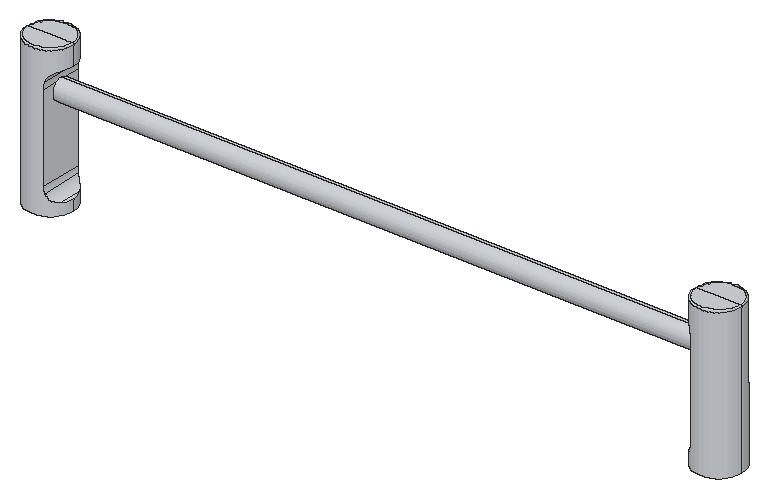
Revit family "Accessory-Towel_Bar-JULY-K-9314T", category Specialty Equipment, host Face, Revit 2017
Family settings
  Host = Face
  Round Connector Dimension = Use Diameter
  Part Type = Normal
  OmniClass Number = 23.31.25.25
  OmniClass Title = Towel Bars
  Cut with Voids When Loaded = No
  Shared = No
  Room Calculation Point = No
Parameters (values of type "CP- Polished chrome")
  Width = 18"  # constant formula
  WaterSense Certified = 1 = 0  # no
  URL = "http://www.kohler.com.cn/en/"
  Type = 1
  Product Page URL = "https://www.kohler.com.cn/en/product/K-9314T-CP/K-9314T-CP/"
  Product Name = "July"  # constant formula
  Product Documentation Link = "https://files.kohler.com.cn/pdfs/k_9314t.pdf"
  Model = if(Type = 1, "K-9314T-CP", if(Type = 2, "K-9314T-BL", "NA"))  # "K-9314T-CP"
  Material = " Metal Construction"  # constant formula
  Master Format 2014 Name = "Toilet, Bath, and Laundry Accessories"  # constant formula
  Master Format 2014 = "10 28 00"  # constant formula
  Manufacturer Address = "No. 158 Jiang Chang San Road, Zhabei District, Shanghai, China\r\n"  # constant formula
  Manufacturer = "KOHLER Co."  # constant formula
  Length = 4 11/256"  # constant formula
  Height = 1 67/256"  # constant formula
  Finish = Kohler-Metal-CP-Polished_Chrome
  Environmental Product Declaration = ""
  Description = "JULY? 18"  # constant formula
  Default Elevation = 42"
  Declare Label = ""
  Date Modified = "08/25/2020"  # constant formula
  Date Created = "08/25/2020"  # constant formula
  Copyright = "Copyright KOHLER Co."  # constant formula
  Contact Us = "http://www.kohler.com.cn/contact/contact-us/"
  Assembly Code = "C1030200"
  ADA Compliant = 1 = 0  # no
Types (3): name | Type | Product Page URL | Model | Finish
  (no name) | 1 | "https://www.kohler.com.cn/en/product/K-9314T-CP/K-9314T-CP/" | "K-9314T-CP" | Kohler-Metal-CP-Polished_Chrome
  CP- Polished chrome | 1 | "https://www.kohler.com.cn/en/product/K-9314T-CP/K-9314T-CP/" | "K-9314T-CP" | Kohler-Metal-CP-Polished_Chrome
  BL- Matte Black | 2 | "https://www.kohler.com.cn/en/product/K-9314T-CP/K-9314T-BL/" | "K-9314T-BL" | Kohler-Metal-BL-Matte_Black
Reference planes (in)
  plane 1 "Center (Front/Back)": y = 0
  plane 2: z = 0
  plane 3 "Center (Left/Right)": x = 0
  plane 4: x = -9
  plane 5: y = 0.63086
  plane 6: y = -0.62992
  plane 7: y = -0.63086
  plane 8: x = -9.62992
  plane 9: x = -9.62992
  plane 10: x = -8.37008
  plane 11: x = 9.62992
  plane 12: x = 8.37008
  plane 13: x = 9
  plane 14: z = 4.04297
  plane 15: z = 2.83465
Dimensions and locks (in)
  equal spacing: plane 4, plane 3 "Center (Left/Right)", plane 13
  "Width": plane 4 to plane 13
  equal spacing: plane 9, plane 3 "Center (Left/Right)", plane 11
  plane 9 to plane 11 = 19.25984"
  "Height": plane 7 to plane 5
  equal spacing: plane 7, plane 1 "Center (Front/Back)", plane 5
  "Length": plane 14 to level
  locked: plane 15 to level at 2.83465
  aligned and locked: plane 2 to host face
  aligned and locked: level to host face
  aligned and locked: plane 3 "Center (Left/Right)" to nested 1
  aligned and locked: plane 1 "Center (Front/Back)" to nested 1
  aligned and locked: plane 4 to nested 1
  aligned and locked: plane 5 to nested 1
  aligned and locked: plane 7 to nested 1
  aligned and locked: plane 9 to nested 1
  aligned and locked: plane 10 to nested 1
  aligned and locked: plane 11 to nested 1
  aligned and locked: nested 1 to plane 12
  aligned and locked: nested 1 to plane 13
  aligned and locked: plane 14 to nested 1
  aligned and locked: plane 15 to nested 1
Automatic sketch dimensions
  host sketch curve to host sketch curve = 96"  (x2)
Nested families (in)
  nested 1: "K-9314T" at (0, 0.00094, -0.00113), type "K-9314T"
Definition of nested family "K-9314T"
  Parameters (values of type "K-9314T")
    Material = none
  Reference planes (in)
    plane 1 "Center (Front/Back)": y = 0
    plane 2: z = 0
    plane 3 "Center (Left/Right)": x = 0
    plane 4: x = -9
    plane 5: x = 9
    plane 6: z = 4.04409
    plane 7: z = 2.83465
    plane 8: y = 0.62992
    plane 9: y = -0.62992
    plane 10: x = -9.62992
    plane 11: x = -8.37008
    plane 12: x = 9.62992
    plane 13: x = 8.37008
  Forms (in)
    Revolve 1, solid, material <- "Material", detail levels medium+fine
      sketch origin (0, 0, 0) x (1, 0, 0) y (0, 0, 1)
        loop
          line (9.59055, 4.04409) -> (9, 4.04409) -> (9, 0) -> (9.62992, 0) -> (9.62992, 4.00472)
          arc (9.62992, 4.00472) -> (9.61839, 4.03256) -> (9.59055, 4.04409) r 0.03937
        axis (9, 4.04409) -> (9, 0)
      angle from 0 to 360
    Extrusion 2, void
      sketch origin (0, 0, 0) x (1, 0, 0) y (0, 0, 1)
        loop
          arc (8.72004, 3.05995) -> (8.71549, 3.1466) -> (8.70191, 3.23229) r 0.82812
          arc (8.70191, 3.23229) -> (8.62015, 3.38816) -> (8.46928, 3.47879) r 0.32592
          arc (8.46928, 3.47879) -> (8.38323, 3.49794) -> (8.29572, 3.50866) r 0.90824
          line (8.29572, 3.50866) -> (8.29572, 0.27361)
          arc (8.29572, 0.27361) -> (8.38323, 0.28433) -> (8.46928, 0.30348) r 0.90824
          arc (8.46928, 0.30348) -> (8.62015, 0.39411) -> (8.70191, 0.54998) r 0.32592
          arc (8.70191, 0.54998) -> (8.71549, 0.63567) -> (8.72004, 0.72232) r 0.82812
          line (8.72004, 0.72232) -> (8.72004, 3.05995)
      from -2.20867 to 1.9946
    Revolve 3, solid, material <- "Material", detail levels medium+fine
      sketch origin (0, 0, 0) x (-1, 0, 0) y (0, 0, 1)
        loop
          line (9.59055, 4.04409) -> (9, 4.04409) -> (9, 0) -> (9.62992, 0) -> (9.62992, 4.00472)
          arc (9.62992, 4.00472) -> (9.61839, 4.03256) -> (9.59055, 4.04409) r 0.03937
        axis (9, 4.04409) -> (9, 0)
      angle from 0 to 360
    Extrusion 4, void
      sketch origin (0, 0, 0) x (-1, 0, 0) y (0, 0, -1)
        loop
          line (8.72004, -3.05995) -> (8.72004, -0.72232)
          arc (8.72004, -0.72232) -> (8.71549, -0.63567) -> (8.70191, -0.54998) r 0.82812
          arc (8.70191, -0.54998) -> (8.62015, -0.39411) -> (8.46928, -0.30348) r 0.32592
          arc (8.46928, -0.30348) -> (8.38323, -0.28433) -> (8.29572, -0.27361) r 0.90824
          line (8.29572, -0.27361) -> (8.29572, -3.50866)
          arc (8.29572, -3.50866) -> (8.38323, -3.49794) -> (8.46928, -3.47879) r 0.90824
          arc (8.46928, -3.47879) -> (8.62015, -3.38816) -> (8.70191, -3.23229) r 0.32592
          arc (8.70191, -3.23229) -> (8.71549, -3.1466) -> (8.72004, -3.05995) r 0.82812
      from -2.20867 to 1.9946
    Revolve 5, solid, material <- "Material", detail levels medium+fine
      sketch origin (0, 0, 0) x (1, 0, 0) y (0, 0, 1)
        loop
          line (8.84045, 3.11024) -> (-8.93884, 3.11024) -> (-8.93884, 2.83465) -> (8.84045, 2.83465) -> (8.84045, 3.11024)
        axis (8.84045, 2.83465) -> (-8.93884, 2.83465)
      angle from 0 to 360
    Extrusion 6, solid, material <- "Material", detail levels coarse
      sketch origin (0, 0, 0) x (1, 0, 0) y (0, 1, 0)
        loop
          circle (9, 0) r 0.62992
        loop
          circle (-9, 0) r 0.62992
      from 0 to 4.04409
    Extrusion 7, solid, material <- "Material", detail levels coarse
      sketch origin (0, 0, 0) x (0, 1, 0) y (0, 0, 1)
        loop
          circle (0, 2.83465) r 0.29064
      from -9.03727 to 8.86701
  Cuts and joins
    Extrusion 2, Extrusion 4 cuts Revolve 1
    Extrusion 4 cuts Revolve 3
    joined: Revolve 1, Revolve 3, Revolve 5
    joined: Extrusion 6, Extrusion 7
  Lines and regions (in)
    Masking region 1
      outline origin (0, 0, 0) x (1, 0, 0) y (0, 1, 0)
        loop
          line (-8.43357, -0.2756) -> (8.43357, -0.2756)
          arc (8.43357, -0.2756) -> (9.14141, -0.61384) -> (9.62992, 0) r 0.62992
          arc (9.62992, 0) -> (9.14141, 0.61384) -> (8.43357, 0.2756) r 0.62992
          line (8.43357, 0.2756) -> (-8.43357, 0.2756)
          arc (-8.43357, 0.2756) -> (-9.14141, 0.61384) -> (-9.62992, 0) r 0.62992
          arc (-9.62992, 0) -> (-9.14141, -0.61384) -> (-8.43357, -0.2756) r 0.62992
    Masking region 2
      outline origin (0, 0, 0) x (1, 0, 0) y (0, 0, 1)
        loop
          line (9.59055, 4.04409) -> (9, 4.04409) -> (8.40945, 4.04409)
          arc (8.40945, 4.04409) -> (8.38161, 4.03256) -> (8.37008, 4.00472) r 0.03937
          line (8.37008, 4.00472) -> (8.37008, 3.52881)
          arc (8.37008, 3.52881) -> (8.38062, 3.50199) -> (8.40661, 3.48954) r 0.03937
          arc (8.40661, 3.48954) -> (8.5972, 3.41021) -> (8.70191, 3.23229) r 0.32592
          arc (8.70191, 3.23229) -> (8.71248, 3.17158) -> (8.71851, 3.11025) r 0.82812
          line (8.71851, 3.11025) -> (-8.71851, 3.11025)
          arc (-8.71851, 3.11025) -> (-8.71248, 3.17158) -> (-8.70191, 3.23229) r 0.82812
          arc (-8.70191, 3.23229) -> (-8.5972, 3.41021) -> (-8.40661, 3.48954) r 0.32592
          arc (-8.40661, 3.48954) -> (-8.38062, 3.50199) -> (-8.37008, 3.52881) r 0.03937
          line (-8.37008, 3.52881) -> (-8.37008, 4.00472)
          arc (-8.37008, 4.00472) -> (-8.38161, 4.03256) -> (-8.40945, 4.04409) r 0.03937
          line (-8.40945, 4.04409) -> (-9, 4.04409) -> (-9.59055, 4.04409)
          arc (-9.59055, 4.04409) -> (-9.61839, 4.03256) -> (-9.62992, 4.00472) r 0.03937
          line (-9.62992, 4.00472) -> (-9.62992, 0) -> (-9, 0) -> (-8.37008, 0) -> (-8.37008, 0.25346)
          arc (-8.37008, 0.25346) -> (-8.38062, 0.28028) -> (-8.40661, 0.29273) r 0.03937
          arc (-8.40661, 0.29273) -> (-8.5972, 0.37206) -> (-8.70191, 0.54998) r 0.32592
          arc (-8.70191, 0.54998) -> (-8.71549, 0.63567) -> (-8.72004, 0.72232) r 0.82812
          line (-8.72004, 0.72232) -> (-8.72004, 2.55905) -> (8.72004, 2.55905) -> (8.72004, 0.72232)
          arc (8.72004, 0.72232) -> (8.71549, 0.63567) -> (8.70191, 0.54998) r 0.82812
          arc (8.70191, 0.54998) -> (8.5972, 0.37206) -> (8.40661, 0.29273) r 0.32592
          arc (8.40661, 0.29273) -> (8.38062, 0.28028) -> (8.37008, 0.25346) r 0.03937
          line (8.37008, 0.25346) -> (8.37008, 0) -> (9, 0) -> (9.62992, 0) -> (9.62992, 4.00472)
          arc (9.62992, 4.00472) -> (9.61839, 4.03256) -> (9.59055, 4.04409) r 0.03937
    Masking region 3
      outline origin (0, 0, 0) x (0, 1, 0) y (0, 0, 1)
        loop
          line (-0.62992, 0) -> (0.62992, 0) -> (0.62992, 4.00472)
          arc (0.62992, 4.00472) -> (0.61839, 4.03256) -> (0.59055, 4.04409) r 0.03937
          line (0.59055, 4.04409) -> (-0.59055, 4.04409)
          arc (-0.59055, 4.04409) -> (-0.61839, 4.03256) -> (-0.62992, 4.00472) r 0.03937
          line (-0.62992, 4.00472) -> (-0.62992, 0)
    symbolic lines, detail levels medium+fine
      curve 1: circle (-9, 0, 0) r 0.61024 normal (0, 0, 1)
      curve 2: arc (-8.43357, 0.2756, 0) -> (-8.36995, 0, 0) -> (-8.43357, -0.2756, 0) r 0.62877
      curve 3: circle (9, 0, 0) r 0.61024 normal (0, 0, -1)
      curve 4: arc (8.43357, 0.2756, 0) -> (8.36995, 0, 0) -> (8.43357, -0.2756, 0) r 0.62877
      curve 5: line (9.62992, 0, 4.00472) -> (8.37008, 0, 4.00472)
      curve 6: line (-8.37008, 0, 4.00472) -> (-9.62992, 0, 4.00472)
      curve 7: line (8.72004, 0, 3.06369) -> (8.72004, 0, 2.52236)
      curve 8: arc (8.71851, 0, 3.11025) -> (8.71966, 0, 3.08698) -> (8.72004, 0, 3.06369) r 0.70954
      curve 9: line (8.75941, 0, 3.06369) -> (8.75941, 0, 0.71857)
      curve 10: arc (8.67763, 0, 3.37601) -> (8.73863, 0, 3.22512) -> (8.75941, 0, 3.06369) r 0.63732
      curve 11: arc (8.497, 0, 3.51041) -> (8.6016, 0, 3.46242) -> (8.67763, 0, 3.37601) r 0.2767
      curve 12: arc (8.37008, 0, 3.52881) -> (8.43389, 0, 3.52204) -> (8.497, 0, 3.51041) r 0.83676
      curve 13: arc (8.67763, 0, 0.40625) -> (8.73863, 0, 0.55715) -> (8.75941, 0, 0.71857) r 0.63732
      curve 14: arc (8.497, 0, 0.27186) -> (8.6016, 0, 0.31985) -> (8.67763, 0, 0.40625) r 0.2767
      curve 15: arc (8.37008, 0, 0.25346) -> (8.43389, 0, 0.26023) -> (8.497, 0, 0.27186) r 0.83676
      curve 16: line (9.62124, 0, 4.02885) -> (8.37876, 0, 4.02885)
      curve 17: line (-9.62992, 0, 4.00472) -> (-8.37008, 0, 4.00472)
      curve 18: line (-8.72004, 0, 3.06369) -> (-8.72004, 0, 2.52236)
      curve 19: arc (-8.71851, 0, 3.11025) -> (-8.71966, 0, 3.08698) -> (-8.72004, 0, 3.06369) r 0.70954
      curve 20: line (-8.75941, 0, 3.06369) -> (-8.75941, 0, 0.71857)
      curve 21: arc (-8.67763, 0, 3.37601) -> (-8.73863, 0, 3.22512) -> (-8.75941, 0, 3.06369) r 0.63732
      curve 22: arc (-8.497, 0, 3.51041) -> (-8.6016, 0, 3.46242) -> (-8.67763, 0, 3.37601) r 0.2767
      curve 23: arc (-8.37008, 0, 3.52881) -> (-8.43389, 0, 3.52204) -> (-8.497, 0, 3.51041) r 0.83676
      curve 24: arc (-8.67763, 0, 0.40625) -> (-8.73863, 0, 0.55715) -> (-8.75941, 0, 0.71857) r 0.63732
      curve 25: arc (-8.497, 0, 0.27186) -> (-8.6016, 0, 0.31985) -> (-8.67763, 0, 0.40625) r 0.2767
      curve 26: arc (-8.37008, 0, 0.25346) -> (-8.43389, 0, 0.26023) -> (-8.497, 0, 0.27186) r 0.83676
      curve 27: line (-9.62124, 0, 4.02885) -> (-8.37876, 0, 4.02885)
      curve 28: line (0, -0.62992, 4.00472) -> (0, 0.62992, 4.00472)
      curve 29: line (0, -0.62286, 4.02674) -> (0, 0.62286, 4.02674)
  Dimensions and locks (in)
    plane 4 to plane 5 = 18"
    aligned and locked: plane 2 to level
